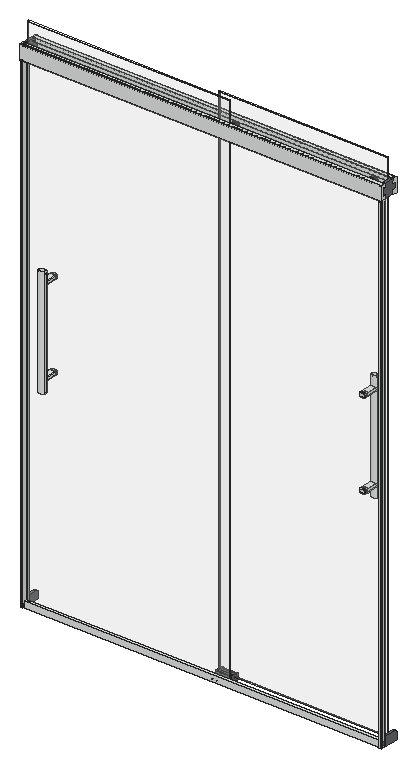
Revit family "Shower-Shower_Door-KOHLER-Prim-K-706533.rfa_", category Specialty Equipment, host Face, Revit 2021 (continued)
Definition of nested family "K-706533"
  Automatic sketch dimensions
    curve 109 to plane 1 "Center (Front/Back)" = 0.12346"
    curve 72 to plane 1 "Center (Front/Back)" = 0.16283"
    curve 105 to curve 105 = 0.15826"
    plane 15 to curve 56 = 0.01421"
    curve 56 to plane 1 "Center (Front/Back)" = 0.28172"
    curve 108 to curve 108 = 0.15826"
    plane 16 to curve 67 = 0.10037"
    curve 67 to plane 1 "Center (Front/Back)" = 0.28172"
    curve 158 to plane 1 "Center (Front/Back)" = 0.28172"
    curve 158 to curve 51 = 1/16"
    curve 56 to curve 58 = 1/16"
    curve 57 to curve 158 = 1/16"
    curve 50 to curve 56 = 1/16"
    curve 192 to curve 200 = 0.06521"
    curve 184 to curve 183 = 0.06521"
    curve 195 to curve 194 = 0.21562"
    curve 55 to curve 54 = 0.1301"
    curve 101 to plane 8 = 0.06194"
    curve 101 to curve 100 = 0.22819"
    curve 94 to curve 91 = 0.12603"
    plane 9 to curve 98 = 0.07874"
    curve 98 to curve 77 = 0.22819"
    curve 86 to curve 84 = 0.12603"
    curve 85 to curve 83 = 0.12603"
    curve 95 to curve 92 = 0.12603"
    curve 82 to curve 83 = 0.0403"
    curve 91 to curve 91 = 0.0403"
    curve 91 to curve 92 = 0.04028"
    curve 82 to curve 82 = 0.04028"
    curve 84 to curve 84 = 0.03996"
    curve 93 to curve 92 = 0.03996"
    curve 93 to curve 93 = 0.03706"
    curve 84 to curve 84 = 0.03706"
    plane 9 to curve 90 = 0.00127"
    curve 98 to curve 90 = 0.09083"
    curve 81 to plane 8 = 0.00127"
    curve 101 to curve 81 = 0.09083"
    curve 81 to plane 8 = 0.00018"
    curve 81 to curve 81 = 0.00911"
    plane 9 to curve 90 = 0.00018"
    curve 90 to curve 90 = 0.00911"
    curve 82 to curve 82 = 0.01467"
    curve 91 to curve 91 = 0.01467"
    curve 93 to curve 95 = 0.01434"
    curve 84 to curve 84 = 0.01434"
    curve 107 to curve 92 = 0"
    curve 106 to curve 92 = 0"
    curve 90 to curve 77 = 0.09253"
    curve 81 to curve 77 = 0.09253"
    curve 89 to plane 9 = 0.02839"
    curve 90 to curve 89 = 0.09083"
    plane 8 to curve 80 = 0.02839"
    curve 81 to curve 80 = 0.09083"
    curve 81 to curve 100 = 0.03057"
    curve 90 to curve 77 = 0.03057"
    curve 87 to curve 87 = 0.10166"
    curve 78 to curve 78 = 0.10166"
    curve 78 to curve 99 = 0.02116"
    curve 87 to curve 76 = 0.02112"
    curve 76 to curve 97 = 0.00004"
    curve 97 to curve 88 = 0.02698"
    curve 99 to curve 78 = 0.02698"
    curve 88 to plane 10 = 0.10872"
    curve 79 to plane 10 = 0.10872"
    plane 9 to curve 88 = 0.00022"
    curve 88 to plane 10 = 0.09045"
    curve 79 to plane 8 = 0.00022"
    curve 79 to plane 10 = 0.09045"
    curve 79 to plane 8 = 0.00054"
    curve 79 to curve 79 = 0.00449"
    plane 9 to curve 88 = 0.00054"
    curve 88 to curve 88 = 0.00449"
    curve 163 to curve 162 = 0.08453"
    curve 176 to curve 161 = 0.37611"
    curve 161 to curve 159 = 0"
    curve 170 to curve 51 = 125/256"
    curve 160 to curve 161 = 0"
    plane 9 to curve 96 = 0.07874"
    plane 9 to curve 135 = 0.07874"
    plane 9 to curve 154 = 1.40643"
    curve 154 to curve 111 = 0"
    curve 111 to curve 110 = 0"
    curve 155 to curve 154 = 0"
    curve 154 to curve 149 = 0"  (x2)
    curve 94 to curve 91 = 0.16197"
    curve 133 to curve 131 = 0.16197"
    curve 149 to curve 150 = 0"
    curve 130 to curve 146 = 0.00136"
    curve 110 to curve 107 = 0.16333"
    curve 154 to curve 157 = 0.16333"
    curve 111 to curve 108 = 0.16333"
    curve 150 to curve 147 = 0.16333"
    curve 132 to curve 132 = 0.00534"
    curve 93 to curve 93 = 0.00534"
    curve 108 to curve 109 = 0.3747"
    curve 148 to curve 109 = 0"
    curve 156 to curve 148 = 0"
    curve 109 to curve 106 = 0"
    curve 146 to curve 145 = 0.3747"
    curve 148 to curve 150 = 0.16197"
    curve 156 to curve 149 = 0.16197"
    curve 145 to curve 155 = 0.16197"
    curve 106 to curve 110 = 0.16197"
    curve 109 to curve 111 = 0.16197"
    curve 112 to curve 103 = 0.16333"
    curve 125 to curve 123 = 0.16333"
    curve 153 to curve 142 = 0.16333"
    curve 71 to curve 112 = 0"
    curve 71 to curve 72 = 0"
    curve 86 to curve 84 = 0.16333"
    curve 70 to curve 103 = 0.16333"
    curve 72 to curve 69 = 0"  (x2)
    curve 75 to curve 71 = 0"
    curve 75 to curve 74 = 0"  (x2)
    curve 113 to curve 74 = 0"  (x2)
    curve 71 to curve 114 = 0"
    curve 74 to curve 152 = 0.16333"
    curve 69 to curve 104 = 0.16333"
    curve 73 to curve 143 = 0.16333"
    curve 121 to curve 122 = 0.00676"
    curve 82 to curve 82 = 0.00676"
    curve 143 to curve 144 = 0.3747"
    curve 105 to curve 102 = 0"
    curve 152 to curve 151 = 0.3747"
    curve 144 to curve 71 = 0.16197"
    curve 105 to curve 69 = 0.16197"
    curve 71 to curve 73 = 0"
    curve 151 to curve 74 = 0.16197"
    curve 114 to curve 73 = 0"
    curve 102 to curve 70 = 0.16197"
    curve 141 to curve 153 = 0.16197"
    curve 99 to plane 8 = 0.06194"
    curve 138 to plane 8 = 0.06194"
    curve 65 to plane 16 = 0.0038"
    plane 16 to curve 68 = 0.10037"
    curve 63 to curve 198 = 0.16457"
    curve 55 to curve 195 = 0.16457"
    curve 63 to curve 62 = 0.0021"
    curve 55 to curve 54 = 0.0021"
    curve 200 to curve 192 = 0.02469"
    curve 55 to curve 194 = 0.169"
    curve 63 to curve 197 = 0.169"
    curve 191 to curve 190 = 0.06596"
    curve 186 to curve 186 = 0.06596"
    curve 190 to curve 63 = 0.09511"
    curve 62 to curve 63 = 0"
    curve 186 to curve 55 = 0.09511"
    curve 55 to curve 54 = 0"
    curve 184 to curve 183 = 0.03454"
    curve 26 to curve 34 = 0"  (x2)
    curve 30 to curve 36 = 0"  (x2)
    curve 39 to curve 46 = 0"  (x2)
    curve 43 to curve 48 = 0"  (x2)
    curve 2 to plane 4 = 0"
    curve 5 to level = 0"
    curve 5 to plane 16 = 0"
    curve 4 to level = 0"
    curve 1 to plane 15 = 0"
    curve 3 to plane 7 = 0"
    curve 21 to plane 9 = 0"
    curve 17 to plane 8 = 0"
    curve 10 to level = 0"
    curve 8 to level = 0"
    curve 15 to plane 7 = 0"
    curve 13 to plane 7 = 0"
    curve 14 to plane 7 = 0"
    plane 9 to curve 24 = 0.15748"
    plane 4 to curve 24 = 3.61"
    curve 16 to curve 17 = 0.15748"
    curve 21 to curve 22 = 0.78504"
    curve 37 to curve 31 = 0.02094"
    curve 49 to curve 44 = 0.02094"
    curve 29 to curve 35 = 0.02094"
    curve 40 to curve 47 = 0.02094"
    curve 49 to curve 44 = 0.01278"
    curve 38 to curve 49 = 0.01278"
    curve 35 to curve 29 = 0.01278"
    curve 27 to curve 35 = 0.01278"
    plane 4 to curve 5 = 0.03437"
    curve 5 to curve 4 = 0.37525"
    plane 4 to curve 1 = 0.41"
    plane 4 to curve 3 = 0.4725"
    curve 4 to curve 6 = 0.33991"
    curve 9 to plane 6 = 0.01414"
    curve 10 to plane 5 = 0.0372"
    level to curve 6 = 0.94948"
    curve 275 to plane 12 = 0"
    curve 201 to plane 4 = 0"
    curve 259 to plane 5 = 0"
    curve 260 to plane 5 = 0"
    curve 242 to plane 18 = 0"
    curve 263 to plane 18 = 0"
    curve 268 to plane 18 = 0"
    curve 252 to plane 3 "Center (Left/Right)" = 0"
    curve 236 to plane 3 "Center (Left/Right)" = 0"
    curve 212 to plane 3 "Center (Left/Right)" = 0"
    curve 227 to plane 3 "Center (Left/Right)" = 0"
    curve 225 to plane 14 = 0"
    curve 208 to plane 14 = 0"
    curve 217 to plane 14 = 0"
    curve 235 to plane 3 "Center (Left/Right)" = 0"
    curve 206 to plane 4 = 0"
    curve 204 to plane 4 = 0"
    curve 245 to plane 3 "Center (Left/Right)" = 0"
    curve 220 to plane 13 = 0"
    curve 273 to plane 20 = 7/16"
    plane 20 to curve 272 = 7/16"
    plane 18 to curve 251 = 0.22961"
    curve 251 to curve 250 = 0.06979"
    curve 253 to plane 18 = 1/16"
    curve 253 to curve 254 = 0.1899"
    curve 240 to curve 240 = 0.0601"
    curve 247 to plane 1 "Center (Front/Back)" = 0.14828"
    plane 1 "Center (Front/Back)" to curve 228 = 0.14819"
    curve 228 to curve 230 = 0.10008"
    curve 224 to plane 3 "Center (Left/Right)" = 1/16"
    curve 232 to curve 233 = 0.15983"
    curve 234 to curve 234 = 0.07787"
    curve 222 to plane 11 = 0.55475"
    curve 221 to plane 11 = 0.55475"
    plane 4 to curve 203 = 0.41"
    curve 240 to curve 228 = 0.31447"
    curve 228 to curve 234 = 0.05114"
    curve 228 to curve 229 = 0.11196"
    curve 234 to curve 233 = 0.06697"
    curve 249 to plane 3 "Center (Left/Right)" = 0.70732"
    curve 249 to curve 251 = 0.07107"
    curve 249 to curve 247 = 0.11811"
    curve 273 to plane 10 = 0.11656"
    curve 272 to plane 10 = 0.11656"
    curve 273 to curve 274 = 0.05069"
    curve 272 to curve 275 = 0.05228"
    plane 18 to curve 201 = 0.18322"
    plane 18 to curve 261 = 0.18322"
    plane 18 to curve 259 = 0.18322"
    curve 251 to curve 251 = 0.02339"
    curve 269 to curve 268 = 0.18322"
    curve 201 to curve 202 = 0.01896"
    curve 261 to curve 262 = 0.02339"
    curve 259 to curve 260 = 0.02933"
    curve 249 to curve 244 = 0.07233"
    curve 244 to curve 243 = 0.03932"
    curve 239 to curve 253 = 0.00406"
    curve 266 to plane 1 "Center (Front/Back)" = 0.28172"
    curve 265 to plane 1 "Center (Front/Back)" = 0.28172"
    curve 248 to curve 248 = 0.0329"
    curve 265 to curve 264 = 0.03345"
    curve 247 to curve 237 = 0.03687"
    curve 266 to curve 267 = 0.12126"
    plane 1 "Center (Front/Back)" to curve 219 = 0.16125"
    curve 236 to curve 228 = 0.01291"
    plane 1 "Center (Front/Back)" to curve 210 = 0.24827"
    curve 219 to curve 218 = 0.12048"
    curve 210 to curve 211 = 0.03345"
    curve 235 to curve 232 = 0.07991"
    curve 257 to plane 14 = 0.15164"
    curve 205 to plane 14 = 0.15164"
    curve 209 to plane 14 = 0.15983"
    curve 205 to curve 206 = 0.01575"
    curve 258 to plane 5 = 0.00008"
    curve 258 to plane 14 = 0.1728"
    curve 233 to curve 245 = 0.02332"
    curve 206 to curve 204 = 0.01575"
    curve 258 to curve 257 = 0.01034"
    curve 217 to curve 216 = 0.18314"
    curve 209 to curve 207 = 0.02332"
    curve 223 to curve 222 = 0.04847"
    curve 220 to curve 214 = 0.04641"
    curve 221 to plane 11 = 0.12581"
    curve 222 to plane 11 = 0.12525"
    plane 4 to curve 202 = 0.00103"
    curve 202 to curve 202 = 0.40897"
    curve 201 to curve 202 = 0"
    curve 205 to curve 203 = 0"
    curve 205 to curve 204 = 0.3371"
    curve 204 to curve 208 = 1.4022"
    curve 208 to curve 211 = 0.00615"
    curve 208 to curve 209 = 0.06879"
    curve 211 to curve 210 = 0.11196"
    curve 209 to curve 207 = 0.05593"
    curve 207 to curve 207 = 0.74685"
    curve 207 to curve 210 = 0.00661"
    curve 207 to curve 209 = 0.05593"
    curve 210 to curve 211 = 0.11196"
    curve 209 to curve 208 = 0.06879"
    curve 211 to curve 219 = 0.58305"
    curve 218 to curve 219 = 0"  (x2)
    curve 217 to curve 218 = 0"
    curve 215 to curve 220 = 0.08515"
    curve 216 to curve 217 = 0"  (x2)
    curve 219 to curve 219 = 7/8"
    curve 217 to curve 219 = 0"
    curve 223 to curve 215 = 0.08957"
    curve 225 to curve 234 = 0.87377"
    curve 225 to curve 224 = 0.00615"
    curve 225 to curve 233 = 0.06864"
    curve 224 to curve 230 = 0.11196"
    curve 233 to curve 245 = 0.05609"
    curve 243 to curve 239 = 0.05844"
    curve 246 to curve 243 = 0"
    curve 238 to curve 240 = 0.05844"
    curve 237 to curve 238 = 0"
    curve 244 to curve 243 = 0"
    curve 231 to curve 237 = 0"
    curve 253 to curve 239 = 0"
    curve 248 to curve 247 = 0.11196"
    plane 3 "Center (Left/Right)" to curve 246 = 0.16882"
    plane 3 "Center (Left/Right)" to curve 238 = 0.17087"
    curve 246 to curve 250 = 0.04316"
    curve 238 to curve 241 = 0.11196"
    curve 250 to curve 242 = 0.077"
    plane 20 to curve 267 = 7/16"
    curve 266 to curve 267 = 0"  (x2)
    curve 270 to curve 275 = 0.09791"
    plane 20 to curve 269 = 7/16"
    curve 268 to curve 269 = 0"  (x2)
    curve 274 to curve 270 = 0.0944"
    curve 269 to plane 20 = 7/16"
    curve 267 to curve 268 = 0"
    curve 268 to curve 263 = 0.36154"
    curve 263 to curve 265 = 0.00615"
    curve 263 to curve 262 = 0.06914"
    curve 265 to curve 264 = 0.11196"
    curve 262 to curve 261 = 0.05329"
    curve 261 to curve 261 = 0.75044"
    curve 261 to curve 264 = 0.00533"
    curve 261 to curve 262 = 0.05257"
    curve 264 to curve 265 = 0.11196"
    curve 262 to curve 263 = 0.07087"
    curve 256 to plane 6 = 0.01047"
    curve 260 to curve 253 = 0"
    curve 259 to curve 260 = 0"
    Extrusion 1 sketch curve to level = 0"  (x2)
    plane 17 to Extrusion 1 sketch curve = 0.05413"
    Extrusion 1 sketch curve to Extrusion 1 sketch curve = 0.05989"
    Extrusion 1 sketch curve to Extrusion 1 sketch curve = 0.08013"
    Extrusion 1 sketch curve to Extrusion 1 sketch curve = 0.17506"
    level to Extrusion 1 sketch curve = 0.07979"
    Extrusion 1 sketch curve to Extrusion 1 sketch curve = 0.22501"
    Extrusion 1 sketch curve to Extrusion 1 sketch curve = 0.11002"
    Extrusion 1 sketch curve to Extrusion 1 sketch curve = 0"
    Extrusion 1 sketch curve to Extrusion 1 sketch curve = 0.11244"
    Extrusion 1 sketch curve to Extrusion 1 sketch curve = 0.03737"
    Extrusion 1 sketch curve to Extrusion 1 sketch curve = 0.73075"
    Extrusion 1 sketch curve to Extrusion 1 sketch curve = 0.07771"
    Extrusion 1 sketch curve to Extrusion 1 sketch curve = 0.06124"
    plane 13 to Extrusion 2 sketch curve = 0.00118"
    plane 16 to Extrusion 2 sketch curve = 0.00258"  (x2)
    Extrusion 2 sketch curve to plane 17 = 0.0183"
    Extrusion 2 sketch curve to plane 15 = 0.00027"  (x2)
    plane 17 to Extrusion 2 sketch curve = 0.00162"
    plane 17 to Extrusion 2 sketch curve = 0.13608"
    Extrusion 2 sketch curve to Extrusion 2 sketch curve = 0.02362"  (x7)
    Extrusion 2 sketch curve to Extrusion 2 sketch curve = 0.07358"  (x2)
    plane 17 to Extrusion 2 sketch curve = 0.25691"
    Extrusion 2 sketch curve to Extrusion 2 sketch curve = 0.03937"  (x6)
    Extrusion 2 sketch curve to Extrusion 2 sketch curve = 0.10221"  (x4)
    Extrusion 2 sketch curve to Extrusion 2 sketch curve = 0.14226"  (x2)
    Extrusion 2 sketch curve to Extrusion 2 sketch curve = 0.03286"  (x2)
    Extrusion 2 sketch curve to Extrusion 2 sketch curve = 0.20578"  (x2)
    Extrusion 2 sketch curve to plane 14 = 0.22251"  (x2)
    plane 16 to Extrusion 2 sketch curve = 0.08433"
    Extrusion 2 sketch curve to Extrusion 2 sketch curve = 0.0249"  (x4)
    plane 18 to Extrusion 2 sketch curve = 0.18322"  (x2)
    Extrusion 2 sketch curve to Extrusion 2 sketch curve = 0.12082"
    Extrusion 2 sketch curve to plane 12 = 0.04047"
    Extrusion 2 sketch curve to plane 12 = 0.04001"
    Extrusion 2 sketch curve to Extrusion 2 sketch curve = 0.01945"
    Extrusion 2 sketch curve to Extrusion 2 sketch curve = 0.08175"
    Extrusion 2 sketch curve to Extrusion 2 sketch curve = 0.39026"  (x2)
    Extrusion 2 sketch curve to Extrusion 2 sketch curve = 0"  (x6)
    Extrusion 2 sketch curve to Extrusion 2 sketch curve = 0.08293"  (x2)
    Extrusion 2 sketch curve to Extrusion 2 sketch curve = 0.09819"  (x2)
    Extrusion 2 sketch curve to Extrusion 2 sketch curve = 0.13989"  (x2)
    plane 19 to Extrusion 2 sketch curve = 0.54908"
    Extrusion 2 sketch curve to Extrusion 2 sketch curve = 0.51608"
    Extrusion 2 sketch curve to Extrusion 2 sketch curve = 0.03047"  (x2)
    Extrusion 2 sketch curve to Extrusion 2 sketch curve = 0.23625"
    Extrusion 2 sketch curve to Extrusion 2 sketch curve = 0.26671"
    Extrusion 2 sketch curve to Extrusion 2 sketch curve = 0.06682"  (x2)
    plane 17 to Extrusion 3 sketch curve = 0.13787"
    plane 17 to Extrusion 3 sketch curve = 0.26688"
    Extrusion 3 sketch curve to Extrusion 3 sketch curve = 0.12932"  (x2)
    Extrusion 3 sketch curve to Extrusion 3 sketch curve = 0.09923"  (x2)
    Extrusion 3 sketch curve to Extrusion 3 sketch curve = 0.13198"
    Extrusion 3 sketch curve to Extrusion 3 sketch curve = 0.06751"  (x2)
    Extrusion 3 sketch curve to Extrusion 3 sketch curve = 0.09651"  (x2)
    Extrusion 3 sketch curve to Extrusion 3 sketch curve = 0.13196"  (x2)
    Extrusion 3 sketch curve to Extrusion 3 sketch curve = 0.07145"  (x2)
    Extrusion 3 sketch curve to Extrusion 3 sketch curve = 0.07044"  (x2)
    Extrusion 3 sketch curve to Extrusion 3 sketch curve = 0.03937"  (x2)
    plane 15 to Extrusion 3 sketch curve = 0.01421"
    Extrusion 3 sketch curve to plane 15 = 0.02516"
    plane 18 to Extrusion 3 sketch curve = 0.1342"  (x2)
    plane 18 to Extrusion 3 sketch curve = 0.17357"
    Extrusion 3 sketch curve to Extrusion 3 sketch curve = 0.26394"
    Extrusion 3 sketch curve to plane 15 = 0.23839"  (x2)
    Extrusion 3 sketch curve to Extrusion 3 sketch curve = 0.05061"  (x4)
    Extrusion 3 sketch curve to Extrusion 3 sketch curve = 0.29289"  (x3)
    Extrusion 3 sketch curve to Extrusion 3 sketch curve = 0"
    Extrusion 3 sketch curve to plane 19 = 0.30853"  (x2)
    Extrusion 3 sketch curve to Extrusion 3 sketch curve = 0.10478"  (x4)
    Extrusion 3 sketch curve to Extrusion 3 sketch curve = 0.16321"  (x2)
    plane 16 to Extrusion 3 sketch curve = 0.13974"
    plane 17 to Extrusion 4 sketch curve = 0.13787"
    plane 17 to Extrusion 4 sketch curve = 0.26688"
    Extrusion 4 sketch curve to Extrusion 4 sketch curve = 0.12932"  (x2)
    Extrusion 4 sketch curve to Extrusion 4 sketch curve = 0.09923"  (x2)
    Extrusion 4 sketch curve to Extrusion 4 sketch curve = 0.13198"
    Extrusion 4 sketch curve to Extrusion 4 sketch curve = 0.06751"  (x2)
    Extrusion 4 sketch curve to Extrusion 4 sketch curve = 0.09651"  (x2)
    Extrusion 4 sketch curve to Extrusion 4 sketch curve = 0.13196"  (x2)
    Extrusion 4 sketch curve to Extrusion 4 sketch curve = 0.07145"  (x2)
    Extrusion 4 sketch curve to Extrusion 4 sketch curve = 0.07044"  (x2)
    Extrusion 4 sketch curve to Extrusion 4 sketch curve = 0.03937"  (x2)
    plane 15 to Extrusion 4 sketch curve = 0.01421"
    Extrusion 4 sketch curve to plane 15 = 0.02516"
    plane 18 to Extrusion 4 sketch curve = 0.1342"  (x2)
    plane 18 to Extrusion 4 sketch curve = 0.17357"
    Extrusion 4 sketch curve to Extrusion 4 sketch curve = 0.26394"
    Extrusion 4 sketch curve to plane 15 = 0.23839"  (x2)
    Extrusion 4 sketch curve to Extrusion 4 sketch curve = 0.05061"  (x4)
    Extrusion 4 sketch curve to Extrusion 4 sketch curve = 0.29289"  (x3)
    Extrusion 4 sketch curve to Extrusion 4 sketch curve = 0"
    Extrusion 4 sketch curve to plane 19 = 0.30853"  (x2)
    Extrusion 4 sketch curve to Extrusion 4 sketch curve = 0.05557"  (x4)
    Extrusion 4 sketch curve to Extrusion 4 sketch curve = 0.21242"  (x2)
    plane 16 to Extrusion 4 sketch curve = 0.13974"
    Extrusion 5 sketch curve to plane 12 = 0.29433"
    Extrusion 5 sketch curve to plane 14 = 0.13912"
    Extrusion 5 sketch curve to plane 14 = 0.18446"
    plane 17 to Extrusion 5 sketch curve = 0.05413"
    Extrusion 5 sketch curve to Extrusion 5 sketch curve = 0.22345"
    Extrusion 5 sketch curve to Extrusion 5 sketch curve = 0.50099"
    level to Extrusion 5 sketch curve = 0.94517"
    Extrusion 6 sketch curve to level = 0"
    Extrusion 6 sketch curve to plane 12 = 0"
    Extrusion 6 sketch curve to plane 12 = 0.29433"
    Extrusion 6 sketch curve to plane 14 = 0.13912"
    Extrusion 6 sketch curve to plane 14 = 0.18446"
    plane 17 to Extrusion 6 sketch curve = 0.05413"
    Extrusion 6 sketch curve to Extrusion 6 sketch curve = 0.22345"
    Extrusion 6 sketch curve to Extrusion 6 sketch curve = 0.50099"
    level to Extrusion 6 sketch curve = 0.94517"
    Extrusion 7 sketch curve to level = 0"
    level to Extrusion 7 sketch curve = 0.04179"
    Extrusion 7 sketch curve to plane 14 = 0.31162"
    level to Extrusion 7 sketch curve = 0.01487"
    Extrusion 7 sketch curve to Extrusion 7 sketch curve = 0.01555"
    Extrusion 7 sketch curve to Extrusion 7 sketch curve = 0.01746"
    Extrusion 7 sketch curve to Extrusion 7 sketch curve = 0.02575"
    Extrusion 7 sketch curve to plane 14 = 0.2357"
    Extrusion 7 sketch curve to Extrusion 7 sketch curve = 0.03937"
    Extrusion 7 sketch curve to Extrusion 7 sketch curve = 0.08258"
    Extrusion 7 sketch curve to Extrusion 7 sketch curve = 0.03931"  (x3)
    Extrusion 7 sketch curve to plane 14 = 0.0476"
    plane 14 to Extrusion 7 sketch curve = 0.13809"
    level to Extrusion 7 sketch curve = 0.24466"
    Extrusion 7 sketch curve to Extrusion 7 sketch curve = 0.1857"
    plane 1 "Center (Front/Back)" to Extrusion 7 sketch curve = 0.23537"
    Extrusion 7 sketch curve to Extrusion 7 sketch curve = 0.03932"  (x2)
    Extrusion 7 sketch curve to plane 1 "Center (Front/Back)" = 0.17264"
    Extrusion 7 sketch curve to plane 1 "Center (Front/Back)" = 0.24883"
    Extrusion 7 sketch curve to plane 18 = 0.16659"
    plane 18 to Extrusion 7 sketch curve = 0.01222"
    plane 18 to Extrusion 7 sketch curve = 0.04818"
    Extrusion 7 sketch curve to Extrusion 7 sketch curve = 0.1095"
    plane 18 to Extrusion 7 sketch curve = 0.28539"
    Extrusion 7 sketch curve to Extrusion 7 sketch curve = 0.01008"
    level to Extrusion 7 sketch curve = 0.22748"
    level to Extrusion 7 sketch curve = 0.22772"
    level to Extrusion 7 sketch curve = 0.24442"
    Extrusion 7 sketch curve to Extrusion 7 sketch curve = 0.49749"
    Extrusion 7 sketch curve to Extrusion 7 sketch curve = 0"  (x3)
    Extrusion 7 sketch curve to Extrusion 7 sketch curve = 0.16766"
    Extrusion 7 sketch curve to Extrusion 7 sketch curve = 0.68396"
    Extrusion 7 sketch curve to Extrusion 7 sketch curve = 0.00206"  (x2)
    Revolve 8 sketch curve to plane 14 = 0"
    Revolve 8 sketch curve to plane 14 = 0.15983"
    plane 4 to Revolve 8 sketch curve = 2.1493"
    Revolve 8 sketch curve to Revolve 8 sketch curve = 0.00615"
    Revolve 8 sketch curve to Revolve 8 sketch curve = 0.06817"
    Revolve 8 sketch curve to Revolve 8 sketch curve = 0.07694"
    Revolve 8 sketch curve to Revolve 8 sketch curve = 0.3023"
    Revolve 8 sketch curve to Revolve 8 sketch curve = 0.1897"  (x2)
    Revolve 8 sketch curve to plane 14 = 0.29447"
    plane 1 "Center (Front/Back)" to Revolve 8 sketch curve = 0.28172"
    Revolve 8 sketch curve to Revolve 8 sketch curve = 0.03345"
    Revolve 8 sketch curve to plane 14 = 0.108"
    plane 14 to Revolve 8 sketch curve = 0.11671"
    plane 19 to Extrusion 9 sketch curve = 0.17396"  (x2)
    plane 4 to Extrusion 9 sketch curve = 2.26741"
    Extrusion 9 sketch curve to plane 19 = 0.24215"  (x2)
    Extrusion 9 sketch curve to Extrusion 9 sketch curve = 0.03937"  (x7)
    plane 19 to Extrusion 9 sketch curve = 0.24215"  (x2)
    plane 19 to Extrusion 9 sketch curve = 0.4161"  (x2)
    Extrusion 9 sketch curve to Extrusion 9 sketch curve = 0.3013"  (x3)
    Extrusion 9 sketch curve to plane 19 = 0.4161"  (x2)
    Extrusion 9 sketch curve to Extrusion 9 sketch curve = 0"
    Extrusion 9 sketch curve to Extrusion 9 sketch curve = 0.06819"  (x2)
    Extrusion 10 sketch curve to plane 14 = 0"
    Extrusion 10 sketch curve to plane 3 "Center (Left/Right)" = 1/16"  (x2)
    plane 4 to Extrusion 10 sketch curve = 0.4725"
    Extrusion 10 sketch curve to Extrusion 10 sketch curve = 0"
    plane 14 to Extrusion 10 sketch curve = 1/16"  (x2)
    Extrusion 10 sketch curve to Extrusion 10 sketch curve = 1/16"  (x2)
    Extrusion 10 sketch curve to Extrusion 10 sketch curve = 3/16"  (x2)
    Extrusion 11 sketch curve to plane 18 = 0"
    Extrusion 11 sketch curve to plane 18 = 1/16"  (x2)
    Extrusion 11 sketch curve to Extrusion 11 sketch curve = 3/16"  (x2)
    Extrusion 11 sketch curve to Extrusion 11 sketch curve = 1/16"  (x5)
    Extrusion 12 sketch curve to plane 4 = 0.00002"
    plane 4 to Extrusion 12 sketch curve = 0.01858"
    plane 4 to Extrusion 12 sketch curve = 0.02306"
    Extrusion 12 sketch curve to Extrusion 12 sketch curve = 0.01202"
    Extrusion 12 sketch curve to Extrusion 12 sketch curve = 0.0165"
    Extrusion 12 sketch curve to Extrusion 12 sketch curve = 0.01489"
    plane 17 to Extrusion 12 sketch curve = 0.06005"
    Extrusion 12 sketch curve to Extrusion 12 sketch curve = 0.11542"
    Extrusion 12 sketch curve to Extrusion 12 sketch curve = 0.04318"
    plane 17 to Extrusion 12 sketch curve = 0.00148"
    Extrusion 12 sketch curve to Extrusion 12 sketch curve = 0.1794"
    Extrusion 12 sketch curve to Extrusion 12 sketch curve = 0.02166"
    Extrusion 12 sketch curve to Extrusion 12 sketch curve = 0.32118"
    Extrusion 12 sketch curve to Extrusion 12 sketch curve = 0.01542"
    Extrusion 12 sketch curve to Extrusion 12 sketch curve = 0.01775"
    Extrusion 12 sketch curve to plane 14 = 0.22744"
    Extrusion 12 sketch curve to Extrusion 12 sketch curve = 0.03587"
    Extrusion 12 sketch curve to Extrusion 12 sketch curve = 0.01685"
    Extrusion 13 sketch curve to plane 5 = 0.0186"
    Extrusion 13 sketch curve to plane 5 = 0.02308"
    Extrusion 13 sketch curve to Extrusion 13 sketch curve = 0.01202"
    Extrusion 13 sketch curve to Extrusion 13 sketch curve = 0.0165"
    Extrusion 13 sketch curve to Extrusion 13 sketch curve = 0.01489"
    plane 17 to Extrusion 13 sketch curve = 0.06005"
    Extrusion 13 sketch curve to Extrusion 13 sketch curve = 0.11542"
    Extrusion 13 sketch curve to Extrusion 13 sketch curve = 0.04318"
    plane 17 to Extrusion 13 sketch curve = 0.00148"
    Extrusion 13 sketch curve to Extrusion 13 sketch curve = 0.1794"
    Extrusion 13 sketch curve to Extrusion 13 sketch curve = 0.02166"
    plane 6 to Extrusion 13 sketch curve = 0.00582"
    Extrusion 13 sketch curve to Extrusion 13 sketch curve = 0.01775"
    Extrusion 13 sketch curve to plane 14 = 0.22744"
    Extrusion 13 sketch curve to Extrusion 13 sketch curve = 0.03587"
    Extrusion 13 sketch curve to Extrusion 13 sketch curve = 0.01685"
    plane 17 to Extrusion 13 sketch curve = 0.03231"
    Revolve 14 sketch curve to plane 14 = 0"
    Revolve 14 sketch curve to plane 14 = 0.15983"
    Revolve 14 sketch curve to plane 3 "Center (Left/Right)" = 2.94623"
    Revolve 14 sketch curve to Revolve 14 sketch curve = 0.00615"
    Revolve 14 sketch curve to Revolve 14 sketch curve = 0.06817"
    Revolve 14 sketch curve to Revolve 14 sketch curve = 0.07694"
    Revolve 14 sketch curve to Revolve 14 sketch curve = 0.3023"
    Revolve 14 sketch curve to Revolve 14 sketch curve = 0.1897"  (x2)
    Revolve 14 sketch curve to plane 14 = 0.29447"
    plane 1 "Center (Front/Back)" to Revolve 14 sketch curve = 0.28172"
    Revolve 14 sketch curve to Revolve 14 sketch curve = 0.03345"
    Revolve 14 sketch curve to plane 14 = 0.108"
    plane 14 to Revolve 14 sketch curve = 0.11671"
    plane 19 to Extrusion 15 sketch curve = 0.17396"  (x2)
    Extrusion 15 sketch curve to plane 3 "Center (Left/Right)" = 2 53/64"
    Extrusion 15 sketch curve to plane 19 = 0.24215"  (x2)
    Extrusion 15 sketch curve to Extrusion 15 sketch curve = 0.03937"  (x7)
    plane 19 to Extrusion 15 sketch curve = 0.24215"  (x2)
    plane 19 to Extrusion 15 sketch curve = 0.4161"  (x2)
    Extrusion 15 sketch curve to Extrusion 15 sketch curve = 0.3013"  (x3)
    Extrusion 15 sketch curve to plane 19 = 0.4161"  (x2)
    Extrusion 15 sketch curve to Extrusion 15 sketch curve = 0"
    Extrusion 15 sketch curve to Extrusion 15 sketch curve = 0.06819"  (x2)
    Revolve 16 sketch curve to plane 18 = 0"
    plane 18 to Revolve 16 sketch curve = 0.15983"
    Revolve 16 sketch curve to plane 20 = 0.79904"
    Revolve 16 sketch curve to Revolve 16 sketch curve = 0.00615"
    Revolve 16 sketch curve to Revolve 16 sketch curve = 0.06817"
    Revolve 16 sketch curve to Revolve 16 sketch curve = 0.07694"
    Revolve 16 sketch curve to Revolve 16 sketch curve = 0.3023"
    Revolve 16 sketch curve to Revolve 16 sketch curve = 0.1897"  (x2)
    Revolve 16 sketch curve to plane 1 "Center (Front/Back)" = 0.28172"
    Revolve 16 sketch curve to Revolve 16 sketch curve = 0.03345"
    Revolve 16 sketch curve to Revolve 16 sketch curve = 0.0577"
    Revolve 16 sketch curve to plane 18 = 0.11671"
    plane 18 to Revolve 16 sketch curve = 0.108"
    plane 19 to Extrusion 17 sketch curve = 0.17396"  (x2)
    Extrusion 17 sketch curve to plane 20 = 0.91715"
    Extrusion 17 sketch curve to plane 19 = 0.24215"  (x2)
    Extrusion 17 sketch curve to Extrusion 17 sketch curve = 0.03937"  (x6)
    plane 19 to Extrusion 17 sketch curve = 0.24215"  (x2)
    Extrusion 17 sketch curve to Extrusion 17 sketch curve = 0.07874"  (x2)
    plane 19 to Extrusion 17 sketch curve = 0.4161"  (x2)
    Extrusion 17 sketch curve to Extrusion 17 sketch curve = 0.3013"  (x3)
    Extrusion 17 sketch curve to plane 19 = 0.4161"
    Extrusion 17 sketch curve to Extrusion 17 sketch curve = 0"
    Extrusion 17 sketch curve to Extrusion 17 sketch curve = 0.06819"  (x2)
    plane 4 to Extrusion 18 sketch curve = 3.7225"  (x2)
    Extrusion 18 sketch curve to Extrusion 18 sketch curve = 0.08"  (x6)
    Extrusion 18 sketch curve to Extrusion 18 sketch curve = 0.3575"  (x6)
    Extrusion 18 sketch curve to Extrusion 18 sketch curve = 0"  (x6)
    plane 9 to Extrusion 18 sketch curve = 1.23213"
    Extrusion 18 sketch curve to Extrusion 18 sketch curve = 0.3393"  (x4)
    Extrusion 18 sketch curve to Extrusion 18 sketch curve = 0.37"  (x4)
    Extrusion 18 sketch curve to Extrusion 18 sketch curve = 0.26786"  (x2)
    Extrusion 18 sketch curve to plane 8 = 2.26393"
    Extrusion 19 sketch curve to plane 13 = 0.56105"
    Extrusion 19 sketch curve to plane 11 = 0.45259"  (x2)
    Extrusion 19 sketch curve to Extrusion 19 sketch curve = 0.22518"  (x2)
    plane 11 to Extrusion 19 sketch curve = 0.14671"
    plane 4 to Extrusion 19 sketch curve = 3.61"
    Extrusion 19 sketch curve to Extrusion 19 sketch curve = 0.03937"  (x3)
    Extrusion 19 sketch curve to Extrusion 19 sketch curve = 0.51063"  (x3)
    Extrusion 19 sketch curve to Extrusion 19 sketch curve = 0"  (x3)
    Extrusion 20 sketch curve to plane 8 = 0"
    Extrusion 20 sketch curve to plane 9 = 0"
    Extrusion 20 sketch curve to plane 8 = 0.2473"
    plane 4 to Extrusion 20 sketch curve = 3.41315"  (x2)
    plane 9 to Extrusion 20 sketch curve = 0.2473"
    Extrusion 20 sketch curve to Extrusion 20 sketch curve = 0.19685"  (x2)
    Extrusion 20 sketch curve to Extrusion 20 sketch curve = 0.15748"
    plane 9 to Extrusion 20 sketch curve = 0.15748"  (x2)
    Extrusion 20 sketch curve to Extrusion 20 sketch curve = 0.78504"  (x2)
    Extrusion 20 sketch curve to plane 8 = 0.15748"
    Extrusion 20 sketch curve to Extrusion 20 sketch curve = 0.19859"  (x2)
    Extrusion 20 sketch curve to plane 9 = 0.1929"
    Extrusion 20 sketch curve to Extrusion 20 sketch curve = 0.08982"  (x2)
    plane 8 to Extrusion 20 sketch curve = 0.1929"
    plane 20 to Extrusion 21 sketch curve = 0"  (x4)
    plane 20 to Extrusion 21 sketch curve = 0.3575"  (x4)
    Extrusion 21 sketch curve to Extrusion 21 sketch curve = 0.08"  (x4)
    Extrusion 21 sketch curve to plane 20 = 0.3575"  (x4)
    plane 9 to Extrusion 21 sketch curve = 1.21533"
    Extrusion 21 sketch curve to Extrusion 21 sketch curve = 0.3393"  (x4)
    Extrusion 21 sketch curve to Extrusion 21 sketch curve = 0.37"  (x4)
    Extrusion 21 sketch curve to Extrusion 21 sketch curve = 0.26786"  (x2)
    Extrusion 21 sketch curve to plane 8 = 2.26393"
    Extrusion 21 sketch curve to Extrusion 21 sketch curve = 0"  (x4)
    Extrusion 22 sketch curve to plane 20 = 0"  (x2)
    plane 10 to Extrusion 22 sketch curve = 0.1554"
    Extrusion 22 sketch curve to plane 10 = 0.21871"  (x2)
    Extrusion 22 sketch curve to Extrusion 22 sketch curve = 0.22518"  (x2)
    plane 12 to Extrusion 22 sketch curve = 0.56975"
    plane 20 to Extrusion 22 sketch curve = 0.51063"
    Extrusion 22 sketch curve to Extrusion 22 sketch curve = 0"  (x4)
    Extrusion 22 sketch curve to Extrusion 22 sketch curve = 0.03937"  (x2)
    Extrusion 22 sketch curve to plane 20 = 0.51063"
    Extrusion 23 sketch curve to plane 8 = 0"
    Extrusion 23 sketch curve to plane 9 = 0"
    Extrusion 23 sketch curve to plane 8 = 0.2473"
    Extrusion 23 sketch curve to plane 20 = 0.74685"  (x2)
    plane 9 to Extrusion 23 sketch curve = 0.2473"
    Extrusion 23 sketch curve to Extrusion 23 sketch curve = 0.19685"  (x2)
    Extrusion 23 sketch curve to Extrusion 23 sketch curve = 0.15748"  (x2)
    plane 9 to Extrusion 23 sketch curve = 0.15748"
    plane 20 to Extrusion 23 sketch curve = 0.39252"  (x2)
    Extrusion 23 sketch curve to plane 8 = 0.15748"
    Extrusion 23 sketch curve to Extrusion 23 sketch curve = 0.19859"  (x2)
    Extrusion 23 sketch curve to plane 9 = 0.1929"
    plane 8 to Extrusion 23 sketch curve = 0.1929"
    Extrusion 23 sketch curve to Extrusion 23 sketch curve = 0.08982"  (x2)
    plane 4 to Sweep 24 sketch curve = 3.7225"
    Sweep 24 sketch curve to Sweep 24 sketch curve = 0.08"  (x3)
    Sweep 24 sketch curve to Sweep 24 sketch curve = 0.3575"  (x3)
    Sweep 24 sketch curve to Sweep 24 sketch curve = 0"  (x3)
    Sweep 24 sketch curve to plane 8 = 2.26393"
    Sweep 24 sketch curve to Sweep 24 sketch curve = 0.3393"  (x2)
    Sweep 24 sketch curve to Sweep 24 sketch curve = 0.37"  (x2)
    Sweep 24 sketch curve to Sweep 24 sketch curve = 0.26786"
    Sweep 24 sketch curve to profile plane = 0"
    Sweep 24 sketch curve to profile plane = 0.03937"
    Sweep 24 sketch curve to profile plane = 0.07087"
    plane 1 "Center (Front/Back)" to Sweep 24 sketch curve = 0.12194"
    Sweep 24 sketch curve to Sweep 24 sketch curve = 0.12041"
    plane 4 to Extrusion 25 sketch curve = 3.78156"  (x2)
    plane 9 to Extrusion 25 sketch curve = 1.55865"
    Extrusion 25 sketch curve to Extrusion 25 sketch curve = 0.37844"  (x6)
    Extrusion 25 sketch curve to Extrusion 25 sketch curve = 0.32652"  (x4)
    Extrusion 25 sketch curve to Extrusion 25 sketch curve = 0.39557"  (x2)
    Extrusion 25 sketch curve to plane 8 = 2.26393"
    plane 4 to Sweep 26 sketch curve = 3.7225"
    Sweep 26 sketch curve to Sweep 26 sketch curve = 0.08"  (x3)
    Sweep 26 sketch curve to Sweep 26 sketch curve = 0.3575"  (x3)
    Sweep 26 sketch curve to Sweep 26 sketch curve = 0"  (x3)
    plane 9 to Sweep 26 sketch curve = 1.23213"
    Sweep 26 sketch curve to Sweep 26 sketch curve = 0.3393"  (x2)
    Sweep 26 sketch curve to Sweep 26 sketch curve = 0.37"  (x2)
    Sweep 26 sketch curve to Sweep 26 sketch curve = 0.26786"
    Sweep 26 sketch curve to profile plane = 0"
    Sweep 26 sketch curve to profile plane = 0.03937"
    Sweep 26 sketch curve to profile plane = 0.07087"
    plane 1 "Center (Front/Back)" to Sweep 26 sketch curve = 0.12194"
    Sweep 26 sketch curve to Sweep 26 sketch curve = 0.12041"
    plane 20 to Sweep 27 sketch curve = 0"  (x2)
    plane 20 to Sweep 27 sketch curve = 0.3575"  (x2)
    Sweep 27 sketch curve to Sweep 27 sketch curve = 0.08"  (x2)
    Sweep 27 sketch curve to plane 20 = 0.3575"  (x2)
    Sweep 27 sketch curve to plane 8 = 2.26393"
    Sweep 27 sketch curve to Sweep 27 sketch curve = 0.3393"  (x2)
    Sweep 27 sketch curve to Sweep 27 sketch curve = 0.37"  (x2)
    Sweep 27 sketch curve to Sweep 27 sketch curve = 0.26786"
    Sweep 27 sketch curve to Sweep 27 sketch curve = 0"  (x2)
    profile plane to Sweep 27 sketch curve = 0"
    profile plane to Sweep 27 sketch curve = 0.03937"
    profile plane to Sweep 27 sketch curve = 0.0748"
    Sweep 27 sketch curve to plane 1 "Center (Front/Back)" = 0.28172"
    Sweep 27 sketch curve to Sweep 27 sketch curve = 0.1204"
    plane 20 to Sweep 28 sketch curve = 0"  (x2)
    plane 20 to Sweep 28 sketch curve = 0.3575"  (x2)
    Sweep 28 sketch curve to Sweep 28 sketch curve = 0.08"  (x2)
    Sweep 28 sketch curve to plane 20 = 0.3575"  (x2)
    plane 9 to Sweep 28 sketch curve = 1.21533"
    Sweep 28 sketch curve to Sweep 28 sketch curve = 0.3393"  (x2)
    Sweep 28 sketch curve to Sweep 28 sketch curve = 0.37"  (x2)
    Sweep 28 sketch curve to Sweep 28 sketch curve = 0.26786"
    Sweep 28 sketch curve to Sweep 28 sketch curve = 0"  (x2)
    profile plane to Sweep 28 sketch curve = 0"
    Sweep 28 sketch curve to profile plane = 0.03937"
    Sweep 28 sketch curve to profile plane = 0.0748"
    Sweep 28 sketch curve to plane 1 "Center (Front/Back)" = 0.28172"
    Sweep 28 sketch curve to Sweep 28 sketch curve = 0.1204"
    plane 20 to Extrusion 29 sketch curve = 0"  (x4)
    plane 20 to Extrusion 29 sketch curve = 0.37451"  (x2)
    Extrusion 29 sketch curve to plane 20 = 0.37451"  (x2)
    plane 9 to Extrusion 29 sketch curve = 1.21533"
    Extrusion 29 sketch curve to Extrusion 29 sketch curve = 0.3289"  (x4)
    Extrusion 29 sketch curve to Extrusion 29 sketch curve = 0.3908"  (x2)
    Extrusion 29 sketch curve to plane 8 = 2.26393"
    Masking region 2 sketch curve to plane 11 = 0"
    Masking region 2 sketch curve to plane 8 = 0"  (x2)
    Masking region 2 sketch curve to plane 9 = 0"  (x2)
    Masking region 2 sketch curve to plane 17 = 0"  (x3)
    Masking region 2 sketch curve to level = 0"
    Masking region 2 sketch curve to plane 14 = 0"  (x4)
    Masking region 2 sketch curve to plane 7 = 0"
    Masking region 2 sketch curve to plane 18 = 0"  (x4)
    Masking region 2 sketch curve to plane 12 = 0"
    Masking region 2 sketch curve to plane 10 = 0"
    Masking region 2 sketch curve to plane 11 = 0.07874"
    Masking region 2 sketch curve to Masking region 2 sketch curve = 0.07874"
    plane 9 to Masking region 2 sketch curve = 0.07874"  (x2)
    Masking region 2 sketch curve to Masking region 2 sketch curve = 0.5146"  (x2)
    Masking region 2 sketch curve to plane 11 = 0.67208"  (x2)
    plane 13 to Masking region 2 sketch curve = 0.0011"
    plane 16 to Masking region 2 sketch curve = 0.00258"  (x2)
    Masking region 2 sketch curve to Masking region 2 sketch curve = 0.01837"
    Masking region 2 sketch curve to plane 15 = 0.00027"
    plane 17 to Masking region 2 sketch curve = 0.00154"
    plane 17 to Masking region 2 sketch curve = 0.13565"
    plane 17 to Masking region 2 sketch curve = 0.13601"
    Masking region 2 sketch curve to Masking region 2 sketch curve = 0.02426"  (x2)
    Masking region 2 sketch curve to Masking region 2 sketch curve = 0.07318"  (x2)
    plane 17 to Masking region 2 sketch curve = 0.25683"
    Masking region 2 sketch curve to Masking region 2 sketch curve = 0.02385"  (x2)
    Masking region 2 sketch curve to Masking region 2 sketch curve = 0.00928"  (x2)
    Masking region 2 sketch curve to Masking region 2 sketch curve = 0.00947"
    Masking region 2 sketch curve to Masking region 2 sketch curve = 0.02985"
    Masking region 2 sketch curve to Masking region 2 sketch curve = 0.09293"
    Masking region 2 sketch curve to Masking region 2 sketch curve = 0.0063"  (x4)
    Masking region 2 sketch curve to Masking region 2 sketch curve = 0.02362"  (x2)
    Masking region 2 sketch curve to Masking region 2 sketch curve = 0.13198"
    Masking region 2 sketch curve to Masking region 2 sketch curve = 0.00074"
    Masking region 2 sketch curve to Masking region 2 sketch curve = 0.03286"  (x2)
    Masking region 2 sketch curve to Masking region 2 sketch curve = 0.01732"
    Masking region 2 sketch curve to Masking region 2 sketch curve = 0.20573"  (x2)
    Masking region 2 sketch curve to Masking region 2 sketch curve = 0.09021"  (x2)
    Masking region 2 sketch curve to Masking region 2 sketch curve = 0.02836"
    Masking region 2 sketch curve to Masking region 2 sketch curve = 0.01099"
    Masking region 2 sketch curve to Masking region 2 sketch curve = 0.012"  (x3)
    Masking region 2 sketch curve to plane 14 = 0.22259"  (x2)
    Masking region 2 sketch curve to Masking region 2 sketch curve = 0.0249"  (x4)
    Masking region 2 sketch curve to Masking region 2 sketch curve = 0.00965"  (x4)
    Masking region 2 sketch curve to Masking region 2 sketch curve = 0.15164"  (x3)
    Masking region 2 sketch curve to Masking region 2 sketch curve = 0.01744"
    Masking region 2 sketch curve to Masking region 2 sketch curve = 0.03937"  (x11)
    plane 14 to Masking region 2 sketch curve = 1/16"
    Masking region 2 sketch curve to Masking region 2 sketch curve = 3/16"
    plane 1 "Center (Front/Back)" to Masking region 2 sketch curve = 0.28172"  (x3)
    Masking region 2 sketch curve to plane 7 = 1/16"  (x4)
    Masking region 2 sketch curve to Masking region 2 sketch curve = 1/16"  (x2)
    plane 16 to Masking region 2 sketch curve = 0.10037"  (x2)
    Masking region 2 sketch curve to Masking region 2 sketch curve = 0.11889"  (x6)
    Masking region 2 sketch curve to plane 1 "Center (Front/Back)" = 0.12346"  (x2)
    plane 15 to Masking region 2 sketch curve = 0.01421"
    Masking region 2 sketch curve to plane 1 "Center (Front/Back)" = 0.28172"  (x2)
    Masking region 2 sketch curve to plane 18 = 1/16"
    Masking region 2 sketch curve to plane 15 = 0.02516"
    plane 18 to Masking region 2 sketch curve = 0.1342"  (x2)
    plane 18 to Masking region 2 sketch curve = 0.17357"  (x2)
    Masking region 2 sketch curve to Masking region 2 sketch curve = 7/256"
    Masking region 2 sketch curve to Masking region 2 sketch curve = 0.13021"
    Masking region 2 sketch curve to Masking region 2 sketch curve = 0.00107"
    Masking region 2 sketch curve to Masking region 2 sketch curve = 0.06751"
    Masking region 2 sketch curve to Masking region 2 sketch curve = 0.03006"
    Masking region 2 sketch curve to Masking region 2 sketch curve = 0.26324"
    Masking region 2 sketch curve to Masking region 2 sketch curve = 0.00926"
    Masking region 2 sketch curve to plane 12 = 0.29433"
    Masking region 2 sketch curve to Masking region 2 sketch curve = 0.12082"
    Masking region 2 sketch curve to plane 12 = 0.04047"
    Masking region 2 sketch curve to plane 12 = 0.04001"
    Masking region 2 sketch curve to Masking region 2 sketch curve = 0.01945"
    Masking region 2 sketch curve to plane 10 = 0.67208"  (x3)
    Masking region 2 sketch curve to plane 8 = 0.07874"  (x2)
    Masking region 2 sketch curve to plane 10 = 0.07874"
    level to Masking region 2 sketch curve = 0.94517"
    Masking region 2 sketch curve to Masking region 2 sketch curve = 0"  (x17)
    Masking region 2 sketch curve to Masking region 2 sketch curve = 1.32769"  (x2)
    Masking region 2 sketch curve to Masking region 2 sketch curve = 0.62126"  (x2)
    Masking region 2 sketch curve to Masking region 2 sketch curve = 0.7"  (x3)
    Masking region 2 sketch curve to plane 8 = 2.08963"
    plane 16 to Masking region 2 sketch curve = 0.08433"  (x2)
    Masking region 2 sketch curve to Masking region 2 sketch curve = 0.01604"  (x2)
    Masking region 2 sketch curve to Masking region 2 sketch curve = 0.35918"
    Masking region 2 sketch curve to Masking region 2 sketch curve = 0.00028"
    Masking region 2 sketch curve to Masking region 2 sketch curve = 0.35967"
    Masking region 2 sketch curve to Masking region 2 sketch curve = 0.01452"
    Masking region 2 sketch curve to Masking region 2 sketch curve = 0.01474"
    Masking region 2 sketch curve to Masking region 2 sketch curve = 0.01505"
    Masking region 2 sketch curve to Masking region 2 sketch curve = 0.01456"
    Masking region 2 sketch curve to Masking region 2 sketch curve = 0.08319"  (x2)
    Masking region 2 sketch curve to Masking region 2 sketch curve = 0.09817"  (x2)
    Masking region 2 sketch curve to Masking region 2 sketch curve = 0.03511"  (x2)
    Masking region 2 sketch curve to Masking region 2 sketch curve = 0.0151"
    Masking region 2 sketch curve to Masking region 2 sketch curve = 0.01537"
    plane 19 to Masking region 2 sketch curve = 0.51687"  (x2)
    Masking region 2 sketch curve to Masking region 2 sketch curve = 0.00603"  (x2)
    Masking region 2 sketch curve to Masking region 2 sketch curve = 0.0322"  (x2)
    Masking region 2 sketch curve to Masking region 2 sketch curve = 0.05664"  (x2)
    Masking region 2 sketch curve to Masking region 2 sketch curve = 0.25441"  (x2)
    Masking region 2 sketch curve to Masking region 2 sketch curve = 0.0123"  (x4)
    Masking region 2 sketch curve to Masking region 2 sketch curve = 0.05061"  (x2)
    Masking region 2 sketch curve to Masking region 2 sketch curve = 0.01621"  (x2)
    Masking region 2 sketch curve to plane 15 = 0.03964"
    Masking region 2 sketch curve to Masking region 2 sketch curve = 0.01447"
    Masking region 2 sketch curve to Masking region 2 sketch curve = 3/256"
    Masking region 3 sketch curve to Masking region 3 sketch curve = 0"  (x12)
    Masking region 3 sketch curve to plane 12 = 0"  (x2)
    Masking region 3 sketch curve to plane 18 = 0"  (x3)
    Masking region 3 sketch curve to plane 3 "Center (Left/Right)" = 0"
    Masking region 3 sketch curve to plane 14 = 0"  (x3)
    Masking region 3 sketch curve to plane 13 = 0"  (x2)
    Masking region 3 sketch curve to plane 4 = 0"
    Masking region 3 sketch curve to Masking region 3 sketch curve = 0.07219"  (x2)
    plane 18 to Masking region 3 sketch curve = 0.23221"
    Masking region 3 sketch curve to Masking region 3 sketch curve = 0.07076"
    plane 18 to Masking region 3 sketch curve = 27/128"
    plane 18 to Masking region 3 sketch curve = 0.18322"  (x2)
    Masking region 3 sketch curve to Masking region 3 sketch curve = 0.18322"  (x2)
    Masking region 3 sketch curve to Masking region 3 sketch curve = 0.02339"
    Masking region 3 sketch curve to Masking region 3 sketch curve = 0.05112"
    Masking region 3 sketch curve to plane 18 = 0.0601"
    Masking region 3 sketch curve to Masking region 3 sketch curve = 0.03345"  (x3)
    Masking region 3 sketch curve to Masking region 3 sketch curve = 0.13345"
    Masking region 3 sketch curve to plane 1 "Center (Front/Back)" = 0.28172"
    Masking region 3 sketch curve to Masking region 3 sketch curve = 0.1"  (x2)
    Masking region 3 sketch curve to Masking region 3 sketch curve = 0.12126"  (x2)
    Masking region 3 sketch curve to Masking region 3 sketch curve = 0.03937"  (x3)
    plane 1 "Center (Front/Back)" to Masking region 3 sketch curve = 0.12188"
    plane 1 "Center (Front/Back)" to Masking region 3 sketch curve = 0.14819"  (x2)
    Masking region 3 sketch curve to Masking region 3 sketch curve = 0.10008"  (x2)
    Masking region 3 sketch curve to Masking region 3 sketch curve = 0.12048"  (x2)
    Masking region 3 sketch curve to Masking region 3 sketch curve = 1/16"  (x3)
    plane 14 to Masking region 3 sketch curve = 1/16"
    Masking region 3 sketch curve to plane 14 = 0.15164"
    Masking region 3 sketch curve to Masking region 3 sketch curve = 0.15983"  (x2)
    Masking region 3 sketch curve to plane 14 = 0.15983"
    Masking region 3 sketch curve to Masking region 3 sketch curve = 0.01996"
    Masking region 3 sketch curve to Masking region 3 sketch curve = 0.18314"
    Masking region 3 sketch curve to Masking region 3 sketch curve = 0.02332"
    Masking region 3 sketch curve to Masking region 3 sketch curve = 0.01154"
    Masking region 3 sketch curve to plane 14 = 0.18314"
    Masking region 3 sketch curve to Masking region 3 sketch curve = 0.05543"  (x2)
    Masking region 3 sketch curve to Masking region 3 sketch curve = 0.07875"
    Masking region 3 sketch curve to plane 13 = 0.56077"
    Masking region 3 sketch curve to Masking region 3 sketch curve = 0.27167"  (x2)
    Masking region 3 sketch curve to Masking region 3 sketch curve = 0.10208"
    Masking region 3 sketch curve to Masking region 3 sketch curve = 0.10273"
    Masking region 3 sketch curve to Masking region 3 sketch curve = 0.22443"
    Masking region 3 sketch curve to Masking region 3 sketch curve = 0.22518"
    Masking region 3 sketch curve to Masking region 3 sketch curve = 0.00074"
    plane 11 to Masking region 3 sketch curve = 0.14641"
    plane 4 to Masking region 3 sketch curve = 0.41"
    Masking region 3 sketch curve to Masking region 3 sketch curve = 0.2583"
    Masking region 3 sketch curve to Masking region 3 sketch curve = 1.4022"
    Masking region 3 sketch curve to Masking region 3 sketch curve = 0.00615"  (x3)
    Masking region 3 sketch curve to Masking region 3 sketch curve = 0.06879"  (x3)
    Masking region 3 sketch curve to Masking region 3 sketch curve = 0.11196"  (x6)
    Masking region 3 sketch curve to Masking region 3 sketch curve = 0.74685"
    Masking region 3 sketch curve to Masking region 3 sketch curve = 0.04932"
    Masking region 3 sketch curve to Masking region 3 sketch curve = 0.53319"
    Masking region 3 sketch curve to Masking region 3 sketch curve = 0.03928"
    Masking region 3 sketch curve to Masking region 3 sketch curve = 0.03949"
    Masking region 3 sketch curve to Masking region 3 sketch curve = 0.5769"
    Masking region 3 sketch curve to Masking region 3 sketch curve = 0.5105"
    Masking region 3 sketch curve to Masking region 3 sketch curve = 7/16"
    Masking region 3 sketch curve to Masking region 3 sketch curve = 0.79626"
    Masking region 3 sketch curve to Masking region 3 sketch curve = 0.07274"
    Masking region 3 sketch curve to Masking region 3 sketch curve = 0.07313"
    Masking region 3 sketch curve to Masking region 3 sketch curve = 0.03976"
    Masking region 3 sketch curve to Masking region 3 sketch curve = 0.50528"
    plane 3 "Center (Left/Right)" to Masking region 3 sketch curve = 0.16882"
    plane 3 "Center (Left/Right)" to Masking region 3 sketch curve = 0.17087"
    Masking region 3 sketch curve to Masking region 3 sketch curve = 0.07721"
    plane 20 to Masking region 3 sketch curve = 7/16"
    Masking region 3 sketch curve to plane 20 = 0.39813"
    Masking region 3 sketch curve to plane 20 = 7/16"
    Masking region 3 sketch curve to Masking region 3 sketch curve = 0.36154"
    Masking region 3 sketch curve to Masking region 3 sketch curve = 0.06914"
    Masking region 3 sketch curve to Masking region 3 sketch curve = 0.75044"
    Masking region 3 sketch curve to Masking region 3 sketch curve = 0.04724"
    Masking region 3 sketch curve to Masking region 3 sketch curve = 0.07087"
    Masking region 3 sketch curve to Masking region 3 sketch curve = 0.03044"
    Masking region 3 sketch curve to Masking region 3 sketch curve = 0.00047"
    Revolve 30 sketch curve to plane 18 = 0"
    plane 18 to Revolve 30 sketch curve = 0.15983"
    Revolve 30 sketch curve to plane 3 "Center (Left/Right)" = 0.70732"
    Revolve 30 sketch curve to Revolve 30 sketch curve = 0.00615"
    Revolve 30 sketch curve to Revolve 30 sketch curve = 0.06817"
    Revolve 30 sketch curve to Revolve 30 sketch curve = 0.07694"
    Revolve 30 sketch curve to Revolve 30 sketch curve = 0.3023"
    Revolve 30 sketch curve to Revolve 30 sketch curve = 0.1897"
    Revolve 30 sketch curve to plane 1 "Center (Front/Back)" = 0.28172"
    Revolve 30 sketch curve to Revolve 30 sketch curve = 0.03345"
    Revolve 30 sketch curve to Revolve 30 sketch curve = 0.0577"
    Revolve 30 sketch curve to plane 3 "Center (Left/Right)" = 0.20917"
    Revolve 30 sketch curve to plane 18 = 0.11671"
    plane 18 to Revolve 30 sketch curve = 0.108"
    plane 19 to Extrusion 31 sketch curve = 0.17396"
    Extrusion 31 sketch curve to plane 3 "Center (Left/Right)" = 0.58921"
    Extrusion 31 sketch curve to plane 19 = 0.24215"
    Extrusion 31 sketch curve to Extrusion 31 sketch curve = 0.03937"  (x6)
    plane 19 to Extrusion 31 sketch curve = 0.24215"  (x2)
    Extrusion 31 sketch curve to Extrusion 31 sketch curve = 0.07874"  (x4)
    Extrusion 31 sketch curve to plane 3 "Center (Left/Right)" = 0.24854"  (x2)
    plane 3 "Center (Left/Right)" to Extrusion 31 sketch curve = 0.09213"  (x2)
    plane 19 to Extrusion 31 sketch curve = 0.34791"
    Extrusion 31 sketch curve to Extrusion 31 sketch curve = 0.06819"  (x2)
    Extrusion 31 sketch curve to plane 19 = 0.17396"
    Extrusion 31 sketch curve to Extrusion 31 sketch curve = 0.17396"
    plane 20 to Extrusion 32 sketch curve = 0.19685"  (x2)
    Extrusion 32 sketch curve to plane 20 = 0.19685"  (x2)
    plane 9 to Extrusion 32 sketch curve = 1.54278"
    Extrusion 32 sketch curve to Extrusion 32 sketch curve = 0.3937"  (x2)
    Extrusion 32 sketch curve to plane 8 = 1.93648"
    Extrusion 33 sketch curve to plane 8 = 1.54278"
    plane 4 to Extrusion 33 sketch curve = 3.96315"  (x2)
    plane 9 to Extrusion 33 sketch curve = 1.55958"
    Extrusion 33 sketch curve to Extrusion 33 sketch curve = 0.3937"  (x4)
    Extrusion 34 sketch curve to plane 13 = 0"
    Extrusion 34 sketch curve to plane 12 = 0"
    Extrusion 34 sketch curve to plane 16 = 0"
    Extrusion 34 sketch curve to plane 15 = 0"
    Extrusion 35 sketch curve to plane 13 = 0"
    Extrusion 35 sketch curve to plane 12 = 0"
    Extrusion 35 sketch curve to plane 16 = 0"
    Extrusion 35 sketch curve to plane 15 = 0"
    Extrusion 36 sketch curve to plane 13 = 0"
    Extrusion 36 sketch curve to plane 16 = 0"  (x2)
    Extrusion 36 sketch curve to plane 15 = 0"  (x2)
    Extrusion 36 sketch curve to plane 12 = 0"
    Extrusion 36 sketch curve to plane 14 = 0.1728"
    plane 18 to Extrusion 36 sketch curve = 0.1728"
    Extrusion 37 sketch curve to plane 17 = 0"
    Extrusion 37 sketch curve to level = 0"
    Extrusion 37 sketch curve to plane 14 = 0.22744"
    level to Extrusion 37 sketch curve = 0.94948"
    Extrusion 38 sketch curve to plane 4 = 0"
    Extrusion 38 sketch curve to plane 13 = 0"
    Extrusion 38 sketch curve to plane 14 = 0.15164"
    plane 4 to Extrusion 38 sketch curve = 0.7471"
    Extrusion 40 sketch curve to level = 0"
    Extrusion 40 sketch curve to plane 12 = 0"
    Extrusion 40 sketch curve to plane 14 = 0.15164"
    Extrusion 40 sketch curve to Extrusion 40 sketch curve = 1.2395"
    Extrusion 41 sketch curve to level = 0"
    Extrusion 41 sketch curve to plane 12 = 0"
    Extrusion 41 sketch curve to plane 14 = 0.15164"
    Extrusion 41 sketch curve to Extrusion 41 sketch curve = 1.2395"
    Extrusion 42 sketch curve to plane 8 = 1.21533"
    plane 4 to Extrusion 42 sketch curve = 4.16"  (x2)
    Extrusion 42 sketch curve to Extrusion 42 sketch curve = 0"  (x2)
    Extrusion 42 sketch curve to Extrusion 42 sketch curve = 1.0486"
    Extrusion 42 sketch curve to Extrusion 42 sketch curve = 7/16"  (x4)
    Extrusion 42 sketch curve to Extrusion 42 sketch curve = 0.29164"  (x3)
    Extrusion 42 sketch curve to Extrusion 42 sketch curve = 0.46533"  (x2)
    plane 9 to Extrusion 42 sketch curve = 1.23213"
    plane 20 to Extrusion 43 sketch curve = 0"  (x4)
    Extrusion 43 sketch curve to plane 8 = 2.26393"
    Extrusion 43 sketch curve to Extrusion 43 sketch curve = 1.0486"  (x2)
    plane 20 to Extrusion 43 sketch curve = 7/16"  (x2)
    Extrusion 43 sketch curve to plane 20 = 7/16"  (x2)
    Extrusion 43 sketch curve to Extrusion 43 sketch curve = 0.29164"  (x2)
    Extrusion 43 sketch curve to Extrusion 43 sketch curve = 0.46533"  (x2)
    plane 9 to Extrusion 43 sketch curve = 2.26393"
    Extrusion 44 sketch curve to plane 20 = 0"  (x2)
    plane 10 to Extrusion 44 sketch curve = 0.1554"
    plane 12 to Extrusion 44 sketch curve = 0.56975"
    Extrusion 44 sketch curve to plane 10 = 0.2008"  (x2)
    Extrusion 44 sketch curve to Extrusion 44 sketch curve = 0.261"
    plane 20 to Extrusion 44 sketch curve = 0.55"
    plane 11 to Extrusion 45 sketch curve = 0.14671"
    Extrusion 45 sketch curve to Extrusion 45 sketch curve = 0.55"  (x2)
    Extrusion 45 sketch curve to plane 11 = 0.2095"  (x2)
    Extrusion 45 sketch curve to Extrusion 45 sketch curve = 0.261"  (x2)
    radius of curve 188 = 0.17717"
    radius of curve 199 = 0.17717"
Types (7): name | Width | Walk Thru | Type | Secondary Finish | Product Page URL | Product Documentation Link | Model | Handle Finish | Finish | Description
  (no name) | 54.60759" | 22 107/128" | 1 | KOHLER-Frosted_Glass | "http://www.us.kohler.com/us/catalog/productDetails.jsp?productNumber=706533-8D3" | "https://www.us.kohler.com/webassets/kpna/catalog/pdf/en/K-706533-8D3_spec_US-CA_Kohler_en.pdf" | "K-706533-8D3-SHP" | Kohler-Metal-CP-Polished_Chrome | Kohler-Metal-SHP-Bright_Polished_Silver | "Frameless sliding shower door, 79-1/16 inch H x 54-5/8 - 59-5/8 inch W, with 5/16 inch thick Frosted glass"
  Frosted Glass, SHP-Bright Polished Silver | 54.60759" | 22 107/128" | 1 | KOHLER-Frosted_Glass | "http://www.us.kohler.com/us/catalog/productDetails.jsp?productNumber=706533-8D3" | "https://www.us.kohler.com/webassets/kpna/catalog/pdf/en/K-706533-8D3_spec_US-CA_Kohler_en.pdf" | "K-706533-8D3-SHP" | Kohler-Metal-CP-Polished_Chrome | Kohler-Metal-SHP-Bright_Polished_Silver | "Frameless sliding shower door, 79-1/16 inch H x 54-5/8 - 59-5/8 inch W, with 5/16 inch thick Frosted glass"
  Frosted Glass, BNK-Anodized Brushed Nickel | 59.6063" | 27.83465" | 2 | KOHLER-Frosted_Glass | "http://www.us.kohler.com/us/catalog/productDetails.jsp?productNumber=706533-8D3" | "https://www.us.kohler.com/webassets/kpna/catalog/pdf/en/K-706533-8D3_spec_US-CA_Kohler_en.pdf" | "K-706533-8D3-BNK" | Kohler-Metal-BN-Vibrant_Brushed_Nickel | Kohler-Metal-BNK-Anodized_Brushed_Nickel | "Frameless sliding shower door, 79-1/16 inch H x 54-5/8 - 59-5/8 inch W, with 5/16 inch thick Frosted glass"
  Frosted Glass, ABZ-Anodized Dark Bronze | 59.6063" | 27.83465" | 3 | KOHLER-Frosted_Glass | "http://www.us.kohler.com/us/catalog/productDetails.jsp?productNumber=706533-8D3" | "https://www.us.kohler.com/webassets/kpna/catalog/pdf/en/K-706533-8D3_spec_US-CA_Kohler_en.pdf" | "K-706533-8D3-ABZ" | KOHLER-Metal-2BL-Black | Kohler-Metal-ABZ-Anodized_Dark_Bronze | "Frameless sliding shower door, 79-1/16 inch H x 54-5/8 - 59-5/8 inch W, with 5/16 inch thick Frosted glass"
  Crystal Clear Glass, SHP-Bright Polished Silver | 59.6063" | 27.83465" | 4 | Kohler-Glass-L-Crystal_Clear | "http://www.us.kohler.com/us/catalog/productDetails.jsp?productNumber=706533-8L" | "https://www.us.kohler.com/webassets/kpna/catalog/pdf/en/K-706533-8L_spec_US-CA_Kohler_en.pdf" | "K-706533-8L-SHP" | Kohler-Metal-CP-Polished_Chrome | Kohler-Metal-SHP-Bright_Polished_Silver | "Frameless sliding shower door, 79-1/16 inch H x 54-5/8 - 59-5/8 inch W, with 5/16 inch thick Clear glass"
